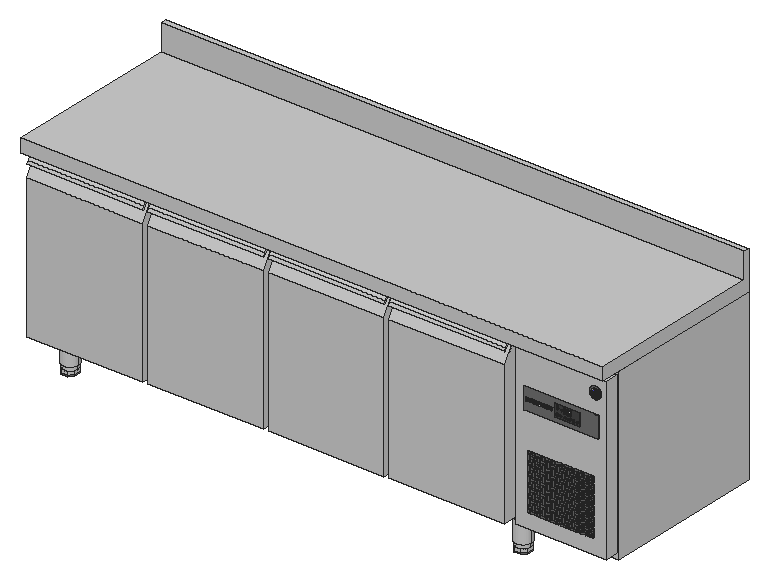
Revit family "QF_HOSHIZAKI_889040826", category Specialty Equipment, Revit 2016
Family settings
  Part Type = Normal
  Round Connector Dimension = Use Diameter
  OmniClass Number = 23.40.40.14
  OmniClass Title = Food Service Equipment
  Work Plane-Based = No
  Always vertical = Yes
  Cut with Voids When Loaded = No
  Shared = No
  Room Calculation Point = No
Parameters (values of type "889040826_230V/1Ph/50Hz")
  Weight = 159.00 kg
  Volts = 230 V
  URL Cutsheet = ""
  URL = "www.hoshizaki-europe.com"
  Status [instance] = ""
  Specification by User [instance] = ""
  Specification by Manufacturer [instance] = ""
  Serial Number = ""
  Seismic Rating = ""
  SMACNA No = ""
  Revision Code [instance] = ""
  Phase = 1
  Number of Poles = 2
  NAFEM Spec ID Number = ""
  Model = "ACR-225DG-LLRR-CRS-L2"
  Min Ckt Ampacity = 0 A
  Max Overcurrent Protection = 0 A
  Masterspec = ""
  Manufacturer = "HOSHIZAKI"
  Length Actual = 2246 mm
  Item Number [instance] = ""
  Installed By [instance] = ""
  Identify Quantity as Lot [instance] = no
  Height Actual = 900 mm
  HP power = ""
  Furnished By [instance] = ""
  Foodservice Equipment Identifier [instance] = yes
  FL Amps = 1.7 A
  Electric power = 240 W
  Electric Connection Type [instance] = ""
  Elec Conn RI Height [instance] = 0 mm
  Elec Conn Connection Height [instance] = 200 mm
  Description = "ADVANCE 4-SECTION 1/1 GN REFRIGERATED COUNTER WITH 4 DOORS AND A WORKTOP WITH 100 MM SPLASHBACK"
  Depth Actual = 700 mm
  Cycle = 50 Hz
  Cost = 0
  Conn Plug = ""
  Conn Conduit = no
  CSI MasterFormat = ""
  Assembly Code = "E1090320"
  Apparent Power = 240 VA
  Accessory = no
Reference planes
  plane 1 "Center (Front/Back)": y = 0
  plane 2: z = 0
  plane 3 "Center (Left/Right)": x = 0
Forms (mm)
  Extrusion 1, solid, not visible
    sketch origin (1999, -17, 349) x (1, 0, 0) y (0, 1, 0)
      loop
        line (0, 0) -> (2, 0) -> (2, 2) -> (0, 2) -> (0, 0)
    from 0 to 2
Dimensions and locks
  aligned and locked: level to plane 2
Nested families
  nested 1: "QF_HOSHIZAKI_889040826_230V_1Ph_50Hz" at (0, 0, 150), type "889040826_230V/1Ph/50Hz"
    with Show Logo yes, Length Actual 2246 mm, Height Actual 650 mm, Depth Actual 700 mm, Compressor offset 1890 mm, Compressor location 1
  nested 2: "QF_HOSHIZAKI_ADVANCE_REF-COUNTER-WORKTOPS" at (0, 0, 800), type "760660003-1"
    with Worktop thickness 50 mm, Length Actual 2246 mm, Depth Actual 700 mm, Backsplash thickness 20 mm, Backsplash height 100 mm, Worktop without backsplash no, Worktop with backsplash yes
  nested 3: "QF_HOSHIZAKI_ADVANCE_REF-COUNTER-DOORS-DRAWERS" at (22, -700, 150), type "760660485-R"
    with Weight 0.00 kg, URL Cutsheet "", Status "", Specification by User "", Specification by Manufacturer "", Serial Number "", Seismic Rating "", Section size 446 mm, Section 2, SMACNA No "", Right hand hinged glass door no, Right hand hinged door yes, Revision Code "", NAFEM Spec ID Number "", Masterspec "", Length Actual 0 mm, Left hand hinged glass door no, Left hand hinged door no, Item Number "", Installed By "", Identify Quantity as Lot no, Height Actual 0 mm, Furnished By "", Foodservice Equipment Identifier no, Depth Actual 0 mm, CSI MasterFormat "", Accessory yes, 3 Drawers no, 2 Drawers 1-3 and 2-3 no, 2 Drawers no
  nested 4: "QF_HOSHIZAKI_ADVANCE_REF-COUNTER-DOORS-DRAWERS" at (488, -700, 150), type "760660485-R"
    with Weight 0.00 kg, URL Cutsheet "", Status "", Specification by User "", Specification by Manufacturer "", Serial Number "", Seismic Rating "", Section size 446 mm, Section 2, SMACNA No "", Right hand hinged glass door no, Right hand hinged door yes, Revision Code "", NAFEM Spec ID Number "", Masterspec "", Length Actual 0 mm, Left hand hinged glass door no, Left hand hinged door no, Item Number "", Installed By "", Identify Quantity as Lot no, Height Actual 0 mm, Furnished By "", Foodservice Equipment Identifier no, Depth Actual 0 mm, CSI MasterFormat "", Accessory yes, 3 Drawers no, 2 Drawers 1-3 and 2-3 no, 2 Drawers no
  nested 5: "QF_HOSHIZAKI_ADVANCE_REF-COUNTER-DOORS-DRAWERS" at (952, -700, 150), type "760660485-R"
    with Weight 0.00 kg, URL Cutsheet "", Status "", Specification by User "", Specification by Manufacturer "", Serial Number "", Seismic Rating "", Section size 446 mm, Section 2, SMACNA No "", Right hand hinged glass door no, Right hand hinged door yes, Revision Code "", NAFEM Spec ID Number "", Masterspec "", Length Actual 0 mm, Left hand hinged glass door no, Left hand hinged door no, Item Number "", Installed By "", Identify Quantity as Lot no, Height Actual 0 mm, Furnished By "", Foodservice Equipment Identifier no, Depth Actual 0 mm, CSI MasterFormat "", Accessory yes, 3 Drawers no, 2 Drawers 1-3 and 2-3 no, 2 Drawers no
  nested 6: "QF_HOSHIZAKI_ADVANCE_REF-COUNTER-DOORS-DRAWERS" at (1416, -700, 150), type "760660485-R"
    with Weight 0.00 kg, URL Cutsheet "", Status "", Specification by User "", Specification by Manufacturer "", Serial Number "", Seismic Rating "", Section size 446 mm, Section 2, SMACNA No "", Right hand hinged glass door no, Right hand hinged door yes, Revision Code "", NAFEM Spec ID Number "", Masterspec "", Length Actual 0 mm, Left hand hinged glass door no, Left hand hinged door no, Item Number "", Installed By "", Identify Quantity as Lot no, Height Actual 0 mm, Furnished By "", Foodservice Equipment Identifier no, Depth Actual 0 mm, CSI MasterFormat "", Accessory yes, 3 Drawers no, 2 Drawers 1-3 and 2-3 no, 2 Drawers no
  nested 7: "QF_HOSHIZAKI_ADVANCE_REF-COUNTER-LEGS" at (0, 0, 0), type "760660118-7"
    with Weight 0.00 kg, URL Cutsheet "", Status "", Specification by User "", Specification by Manufacturer "", Serial Number "", Seismic Rating "", SMACNA No "", Revision Code "", NAFEM Spec ID Number "", Masterspec "", Length Actual 2246 mm, Legs inset right 430 mm, Legs inset rear 70 mm, Legs inset left 70 mm, Legs inset front 153 mm, Item Number "", Installed By "", Identify Quantity as Lot no, Height Actual 150 mm, Furnished By "", Foodservice Equipment Identifier no, Depth Actual 700 mm, Central Legs no, CSI MasterFormat "", Accessory yes
Connectors
  electrical at (2000, -15, 350), driven by "Apparent Power", driven by "Number of Poles", driven by "Volts"
    settings: on Extrusion 1, index 1, voltage 230 V, apparent load 0 VA, apparent load phase1 240 VA, apparent load phase2 0 VA, apparent load phase3 0 VA, power factor 1, load classification "Other", number of poles 2, system type 31, power factor state 1, is connector primary yes, connector utility no, sub classification motor no, connector description "Electric connection for '889040826'"
Definition of nested family "QF_HOSHIZAKI_889040826_230V_1Ph_50Hz"
  Parameters (values of type "889040826_230V/1Ph/50Hz")
    URL = "www.hoshizaki-europe.com"
    Show Logo [instance] = yes
    Model = "ACR-225DG-LLRR-CRS-L2"
    Manufacturer = "HOSHIZAKI"
    Length Actual [instance] = 2246 mm
    Height Actual [instance] = 650 mm
    Description = "ADVANCE 4-SECTION 1/1 GN REFRIGERATED COUNTER WITH 4 DOORS AND A WORKTOP WITH 100 MM SPLASHBACK"
    Depth Actual [instance] = 700 mm
    Compressor offset [instance] = if(Compressor location = 1, Length Actual - 356 mm, if(Compressor location = 2, 7 mm, Length Actual - 356 mm))  # 1890 mm
    Compressor location [instance] = 1
    Author = "SPECIFI"
    Assembly Code = "E1090320"
  Types (60, lengths in mm): name | Model | Length Actual | Description | Compressor offset
    889000840 | "ACR-130DG-LR-RRC-L1" | 1314 | "ADVANCE 2-SECTION 1/1 GN REFRIGERATED COUNTER WITH 2 DOORS AND A FLAT WORKTOP" | 958
    889000848 | "ACR-130DG-22-RRC-L1" | 1314 | "ADVANCE 2-SECTION 1/1 GN REFRIGERATED COUNTER WITH 2 DRAWER SECTIONS EACH WITH 2 X 1/2 DRAWERS AND A FLAT WORKTOP" | 958
    889000856 | "ACR-130DG-32-RRC-L1" | 1314 | "ADVANCE 2-SECTION 1/1 GN REFRIGERATED COUNTER WITH 1 DRAWER SECTION WITH 3 X 1/3 DRAWERS, 1 DRAWER SECTION WITH 2 X 1/2 DRAWERS AND A FLAT WORKTOP" | 958
    889000844 | "ACR-130DG-LR-RRS-L1" | 1314 | "ADVANCE 2-SECTION 1/1 GN REFRIGERATED COUNTER WITH 2 DOORS AND A WORKTOP WITH 100 MM SPLASHBACK" | 958
    889000852 | "ACR-130DG-22-RRS-L1" | 1314 | "ADVANCE 2-SECTION 1/1 GN REFRIGERATED COUNTER WITH 2 DRAWER SECTIONS EACH WITH 2 X 1/2 DRAWERS AND A WORKTOP WITH 100 MM SPLASHBACK" | 958
    889000861 | "ACR-130DG-LR-RRC-C1-U" | 1314 | "ADVANCE 2-SECTION 1/1 GN REFRIGERATED COUNTER WITH 2 DOORS AND A FLAT WORKTOP" | 958
    889000869 | "ACR-130DG-22-RRC-C1-U" | 1314 | "ADVANCE 2-SECTION 1/1 GN REFRIGERATED COUNTER WITH 2 DRAWER SECTIONS EACH WITH 2 X 1/2 DRAWERS AND A FLAT WORKTOP" | 958
    889000877 | "ACR-130DG-32-RRC-C1-U" | 1314 | "ADVANCE 2-SECTION 1/1 GN REFRIGERATED COUNTER WITH 1 DRAWER SECTION WITH 3 X 1/3 DRAWERS, 1 DRAWER SECTION WITH 2 X 1/2 DRAWERS AND A FLAT WORKTOP" | 958
    889000865 | "ACR-130DG-LR-RRS-C1-U" | 1314 | "ADVANCE 2-SECTION 1/1 GN REFRIGERATED COUNTER WITH 2 DOORS AND A WORKTOP WITH 100 MM SPLASHBACK" | 958
    889000873 | "ACR-130DG-22-RRS-C1-U" | 1314 | "ADVANCE 2-SECTION 1/1 GN REFRIGERATED COUNTER WITH 2 DRAWER SECTIONS EACH WITH 2 X 1/2 DRAWERS AND A WORKTOP WITH 100 MM SPLASHBACK" | 958
    889000842 | "ACR-130DG-LR-RRC-L2" | 1314 | "ADVANCE 2-SECTION 1/1 GN REFRIGERATED COUNTER WITH 2 DOORS AND A FLAT WORKTOP" | 958
    889000850 | "ACR-130DG-22-RRC-L2" | 1314 | "ADVANCE 2-SECTION 1/1 GN REFRIGERATED COUNTER WITH 2 DRAWER SECTIONS EACH WITH 2 X 1/2 DRAWERS AND A FLAT WORKTOP" | 958
    889000858 | "ACR-130DG-32-RRC-L2" | 1314 | "ADVANCE 2-SECTION 1/1 GN REFRIGERATED COUNTER WITH 1 DRAWER SECTION WITH 3 X 1/3 DRAWERS, 1 DRAWER SECTION WITH 2 X 1/2 DRAWERS AND A FLAT WORKTOP" | 958
    889000846 | "ACR-130DG-LR-RRS-L2" | 1314 | "ADVANCE 2-SECTION 1/1 GN REFRIGERATED COUNTER WITH 2 DOORS AND A WORKTOP WITH 100 MM SPLASHBACK" | 958
    889000854 | "ACR-130DG-22-RRS-L2" | 1314 | "ADVANCE 2-SECTION 1/1 GN REFRIGERATED COUNTER WITH 2 DRAWER SECTIONS EACH WITH 2 X 1/2 DRAWERS AND A WORKTOP WITH 100 MM SPLASHBACK" | 958
    889000822 | "ACR-130DG-LR-CRC-L2" | 1314 | "ADVANCE 2-SECTION 1/1 GN REFRIGERATED COUNTER WITH 2 DOORS AND A FLAT WORKTOP" | 958
    889000830 | "ACR-130DG-22-CRC-L2" | 1314 | "ADVANCE 2-SECTION 1/1 GN REFRIGERATED COUNTER WITH 2 DRAWER SECTIONS EACH WITH 2 X 1/2 DRAWERS AND A FLAT WORKTOP" | 958
    889000838 | "ACR-130DG-32-CRC-L2" | 1314 | "ADVANCE 2-SECTION 1/1 GN REFRIGERATED COUNTER WITH 1 DRAWER SECTION WITH 3 X 1/3 DRAWERS, 1 DRAWER SECTION WITH 2 X 1/2 DRAWERS AND A FLAT WORKTOP" | 958
    889000826 | "ACR-130DG-LR-CRS-L2" | 1314 | "ADVANCE 2-SECTION 1/1 GN REFRIGERATED COUNTER WITH 2 DOORS AND A WORKTOP WITH 100 MM SPLASHBACK" | 958
    889000834 | "ACR-130DG-22-CRS-L2" | 1314 | "ADVANCE 2-SECTION 1/1 GN REFRIGERATED COUNTER WITH 2 DRAWER SECTIONS EACH WITH 2 X 1/2 DRAWERS AND A WORKTOP WITH 100 MM SPLASHBACK" | 958
    889020840 | "ACR-180DG-LRR-RRC-L1" | 1780 | "ADVANCE 3-SECTION 1/1 GN REFRIGERATED COUNTER WITH 3 DOORS AND A FLAT WORKTOP" | 1424
    889020848 | "ACR-180DG-222-RRC-L1" | 1780 | "ADVANCE 3-SECTION 1/1 GN REFRIGERATED COUNTER WITH 3 DRAWER SECTIONS EACH WITH 2 X 1/2 DRAWERS AND A FLAT WORKTOP" | 1424
    889020856 | "ACR-180DG-332-RRC-L1" | 1780 | "ADVANCE 3-SECTION 1/1 GN REFRIGERATED COUNTER WITH 2 DRAWER SECTIONS EACH WITH 3 X 1/3 DRAWERS, 1 DRAWER SECTION WITH 2 X 1/2 DRAWERS AND A FLAT WORKTOP" | 1424
    889020844 | "ACR-180DG-LRR-RRS-L1" | 1780 | "ADVANCE 3-SECTION 1/1 GN REFRIGERATED COUNTER WITH 3 DOORS AND A WORKTOP WITH 100 MM SPLASHBACK" | 1424
    889020852 | "ACR-180DG-222-RRS-L1" | 1780 | "ADVANCE 3-SECTION 1/1 GN REFRIGERATED COUNTER WITH 3 DRAWER SECTIONS EACH WITH 2 X 1/2 DRAWERS AND A WORKTOP WITH 100 MM SPLASHBACK" | 1424
    889020861 | "ACR-180DG-LRR-RRC-C1-U" | 1780 | "ADVANCE 3-SECTION 1/1 GN REFRIGERATED COUNTER WITH 3 DOORS AND A FLAT WORKTOP" | 1424
    889020869 | "ACR-180DG-222-RRC-C1-U" | 1780 | "ADVANCE 3-SECTION 1/1 GN REFRIGERATED COUNTER WITH 3 DRAWER SECTIONS EACH WITH 2 X 1/2 DRAWERS AND A FLAT WORKTOP" | 1424
    889020877 | "ACR-180DG-332-RRC-C1-U" | 1780 | "ADVANCE 3-SECTION 1/1 GN REFRIGERATED COUNTER WITH 2 DRAWER SECTIONS EACH WITH 3 X 1/3 DRAWERS, 1 DRAWER SECTION WITH 2 X 1/2 DRAWERS AND A FLAT WORKTOP" | 1424
    889020865 | "ACR-180DG-LRR-RRS-C1-U" | 1780 | "ADVANCE 3-SECTION 1/1 GN REFRIGERATED COUNTER WITH 3 DOORS AND A WORKTOP WITH 100 MM SPLASHBACK" | 1424
    889020873 | "ACR-180DG-222-RRS-C1-U" | 1780 | "ADVANCE 3-SECTION 1/1 GN REFRIGERATED COUNTER WITH 3 DRAWER SECTIONS EACH WITH 2 X 1/2 DRAWERS AND A WORKTOP WITH 100 MM SPLASHBACK" | 1424
    889020842 | "ACR-180DG-LRR-RRC-L2" | 1780 | "ADVANCE 3-SECTION 1/1 GN REFRIGERATED COUNTER WITH 3 DOORS AND A FLAT WORKTOP" | 1424
    889020850 | "ACR-180DG-222-RRC-L2" | 1780 | "ADVANCE 3-SECTION 1/1 GN REFRIGERATED COUNTER WITH 3 DRAWER SECTIONS EACH WITH 2 X 1/2 DRAWERS AND A FLAT WORKTOP" | 1424
    889020858 | "ACR-180DG-332-RRC-L2" | 1780 | "ADVANCE 3-SECTION 1/1 GN REFRIGERATED COUNTER WITH 2 DRAWER SECTIONS EACH WITH 3 X 1/3 DRAWERS, 1 DRAWER SECTION WITH 2 X 1/2 DRAWERS AND A FLAT WORKTOP" | 1424
    889020846 | "ACR-180DG-LRR-RRS-L2" | 1780 | "ADVANCE 3-SECTION 1/1 GN REFRIGERATED COUNTER WITH 3 DOORS AND A WORKTOP WITH 100 MM SPLASHBACK" | 1424
    889020854 | "ACR-180DG-222-RRS-L2" | 1780 | "ADVANCE 3-SECTION 1/1 GN REFRIGERATED COUNTER WITH 3 DRAWER SECTIONS EACH WITH 2 X 1/2 DRAWERS AND A WORKTOP WITH 100 MM SPLASHBACK" | 1424
    889020823 | "ACR-180DG-LRR-CRC-L2" | 1780 | "ADVANCE 3-SECTION 1/1 GN REFRIGERATED COUNTER WITH 3 DOORS AND A FLAT WORKTOP" | 1424
    889020830 | "ACR-180DG-222-CRC-L2" | 1780 | "ADVANCE 3-SECTION 1/1 GN REFRIGERATED COUNTER WITH 3 DRAWER SECTIONS EACH WITH 2 X 1/2 DRAWERS AND A FLAT WORKTOP" | 1424
    889020838 | "ACR-180DG-332-CRC-L2" | 1780 | "ADVANCE 3-SECTION 1/1 GN REFRIGERATED COUNTER WITH 2 DRAWER SECTIONS EACH WITH 3 X 1/3 DRAWERS, 1 DRAWER SECTION WITH 2 X 1/2 DRAWERS AND A FLAT WORKTOP" | 1424
    889020827 | "ACR-180DG-LRR-CRS-L2" | 1780 | "ADVANCE 3-SECTION 1/1 GN REFRIGERATED COUNTER WITH 3 DOORS AND A WORKTOP WITH 100 MM SPLASHBACK" | 1424
    889020834 | "ACR-180DG-222-CRS-L2" | 1780 | "ADVANCE 3-SECTION 1/1 GN REFRIGERATED COUNTER WITH 3 DRAWER SECTIONS EACH WITH 2 X 1/2 DRAWERS AND A WORKTOP WITH 100 MM SPLASHBACK" | 1424
    889040840 | "ACR-225DG-LLRR-RRC-L1" | 2246 | "ADVANCE 4-SECTION 1/1 GN REFRIGERATED COUNTER WITH 4 DOORS AND A FLAT WORKTOP" | 1890
    889040848 | "ACR-225DG-2222-RRC-L1" | 2246 | "ADVANCE 4-SECTION 1/1 GN REFRIGERATED COUNTER WITH 4 DRAWER SECTIONS EACH WITH 2 X 1/2 DRAWERS AND A FLAT WORKTOP" | 1890
    889040856 | "ACR-225DG-3332-RRC-L1" | 2246 | "ADVANCE 4-SECTION 1/1 GN REFRIGERATED COUNTER WITH 3 DRAWER SECTIONS EACH WITH 3 X 1/3 DRAWERS, 1 DRAWER SECTION WITH 2 X 1/2 DRAWERS AND A FLAT WORKTOP" | 1890
    889040844 | "ACR-225DG-LLRR-RRS-L1" | 2246 | "ADVANCE 4-SECTION 1/1 GN REFRIGERATED COUNTER WITH 4 DOORS AND A WORKTOP WITH 100 MM SPLASHBACK" | 1890
    889040852 | "ACR-225DG-2222-RRS-L1" | 2246 | "ADVANCE 4-SECTION 1/1 GN REFRIGERATED COUNTER WITH 4 DRAWER SECTIONS EACH WITH 2 X 1/2 DRAWERS AND A WORKTOP WITH 100 MM SPLASHBACK" | 1890
    889040861 | "ACR-225DG-LLRR-RRC-C1-U" | 2246 | "ADVANCE 4-SECTION 1/1 GN REFRIGERATED COUNTER WITH 4 DOORS AND A FLAT WORKTOP" | 1890
    889040869 | "ACR-225DG-2222-RRC-C1-U" | 2246 | "ADVANCE 4-SECTION 1/1 GN REFRIGERATED COUNTER WITH 4 DRAWER SECTIONS EACH WITH 2 X 1/2 DRAWERS AND A FLAT WORKTOP" | 1890
    889040877 | "ACR-225DG-3332-RRC-C1-U" | 2246 | "ADVANCE 4-SECTION 1/1 GN REFRIGERATED COUNTER WITH 3 DRAWER SECTIONS EACH WITH 3 X 1/3 DRAWERS, 1 DRAWER SECTION WITH 2 X 1/2 DRAWERS AND A FLAT WORKTOP" | 1890
    889040865 | "ACR-225DG-LLRR-RRS-C1-U" | 2246 | "ADVANCE 4-SECTION 1/1 GN REFRIGERATED COUNTER WITH 4 DOORS AND A WORKTOP WITH 100 MM SPLASHBACK" | 1890
    889040873 | "ACR-225DG-2222-RRS-C1-U" | 2246 | "ADVANCE 4-SECTION 1/1 GN REFRIGERATED COUNTER WITH 4 DRAWER SECTIONS EACH WITH 2 X 1/2 DRAWERS AND A WORKTOP WITH 100 MM SPLASHBACK" | 1890
    889040842 | "ACR-225DG-LLRR-RRC-L2" | 2246 | "ADVANCE 4-SECTION 1/1 GN REFRIGERATED COUNTER WITH 4 DOORS AND A FLAT WORKTOP" | 1890
    889040850 | "ACR-225DG-2222-RRC-L2" | 2246 | "ADVANCE 4-SECTION 1/1 GN REFRIGERATED COUNTER WITH 4 DRAWER SECTIONS EACH WITH 2 X 1/2 DRAWERS AND A FLAT WORKTOP" | 1890
    889040858 | "ACR-225DG-3332-RRC-L2" | 2246 | "ADVANCE 4-SECTION 1/1 GN REFRIGERATED COUNTER WITH 3 DRAWER SECTIONS EACH WITH 3 X 1/3 DRAWERS, 1 DRAWER SECTION WITH 2 X 1/2 DRAWERS AND A FLAT WORKTOP" | 1890
    889040846 | "ACR-225DG-LLRR-RRS-L2" | 2246 | "ADVANCE 4-SECTION 1/1 GN REFRIGERATED COUNTER WITH 4 DOORS AND A WORKTOP WITH 100 MM SPLASHBACK" | 1890
    889040854 | "ACR-225DG-2222-RRS-L2" | 2246 | "ADVANCE 4-SECTION 1/1 GN REFRIGERATED COUNTER WITH 4 DRAWER SECTIONS EACH WITH 2 X 1/2 DRAWERS AND A WORKTOP WITH 100 MM SPLASHBACK" | 1890
    889040822 | "ACR-225DG-LLRR-CRC-L2" | 2246 | "ADVANCE 4-SECTION 1/1 GN REFRIGERATED COUNTER WITH 4 DOORS AND A FLAT WORKTOP" | 1890
    889040830 | "ACR-225DG-2222-CRC-L2" | 2246 | "ADVANCE 4-SECTION 1/1 GN REFRIGERATED COUNTER WITH 4 DRAWER SECTIONS EACH WITH 2 X 1/2 DRAWERS AND A FLAT WORKTOP" | 1890
    889040838 | "ACR-225DG-3332-CRC-L2" | 2246 | "ADVANCE 4-SECTION 1/1 GN REFRIGERATED COUNTER WITH 3 DRAWER SECTIONS EACH WITH 3 X 1/3 DRAWERS, 1 DRAWER SECTION WITH 2 X 1/2 DRAWERS AND A FLAT WORKTOP" | 1890
    889040826_230V/1Ph/50Hz | "ACR-225DG-LLRR-CRS-L2" | 2246 | "ADVANCE 4-SECTION 1/1 GN REFRIGERATED COUNTER WITH 4 DOORS AND A WORKTOP WITH 100 MM SPLASHBACK" | 1890
    889040834 | "ACR-225DG-2222-CRS-L2" | 2246 | "ADVANCE 4-SECTION 1/1 GN REFRIGERATED COUNTER WITH 4 DRAWER SECTIONS EACH WITH 2 X 1/2 DRAWERS AND A WORKTOP WITH 100 MM SPLASHBACK" | 1890
  Reference planes
    plane 1 "Back": y = 0
    plane 2: z = 0
    plane 3 "Left": x = 0
    plane 4 "Right": x = 2246
    plane 5 "Front": y = -700
    plane 6 "Top": z = 650
    plane 7 "Front legs": y = -624.512
    plane 8 "Compressor dimension": x = 2246
    plane 9 "Compressor offset": x = 1890
  Forms (mm)
    Extrusion 1, solid
      sketch origin (0, 0, 0) x (0, 1, 0) y (0, 0, 1)
        loop
          line (0, 650) -> (-624.512, 650) -> (-624.512, 0) -> (0, 0) -> (0, 650)
      from 0 to 2246
    Extrusion 2, solid
      sketch origin (1890, 0, 0) x (0, -1, 0) y (0, 0, 1)
        loop
          line (624.512, 634) -> (624.512, 20) -> (674.54, 20) -> (674.54, 634) -> (624.512, 634)
      from 0 to -349
  Lines and regions (mm)
    symbolic lines
      curve 1: line (0, 0, 650) -> (2246, 0, 650)
      curve 2: line (0, -700, 650) -> (0, 0, 650)
      curve 3: line (2246, -700, 650) -> (0, -700, 650)
      curve 4: line (2246, 0, 650) -> (2246, -700, 650)
  Dimensions and locks
    "Length Actual": plane 3 "Left" to plane 4 "Right"
    "Depth Actual": plane 5 "Front" to plane 1 "Back"
    plane 7 "Front legs" to plane 5 "Front" = 75.488 mm
    "Compressor offset": plane 3 "Left" to plane 9 "Compressor offset"
    locked: plane 9 "Compressor offset" to plane 8 "Compressor dimension" at 356
    plane 6 "Top" to level = 650 mm
    aligned and locked: level to plane 2
    aligned and locked: plane 1 "Back" to Extrusion 1 sketch curve
    aligned and locked: plane 7 "Front legs" to Extrusion 1 sketch curve
    aligned and locked: Extrusion 1 to plane 4 "Right"
    aligned and locked: plane 7 "Front legs" to Extrusion 2 sketch curve
    aligned and locked: nested 1 to plane 5 "Front"
    aligned and locked: nested 1 to plane 9 "Compressor offset"
    aligned and locked: Extrusion 1 sketch curve to plane 6 "Top"
    aligned and locked: plane 2 to Extrusion 1 sketch curve
    aligned and locked: plane 1 "Back" to curve 1
    aligned and locked: plane 5 "Front" to curve 3
    aligned and locked: plane 4 "Right" to curve 4
    aligned and locked: plane 3 "Left" to curve 2
  Automatic sketch dimensions
    plane 5 "Front" to Extrusion 2 sketch curve = 25.46 mm
    level to Extrusion 2 sketch curve = 20 mm
    Extrusion 2 sketch curve to plane 6 "Top" = 16 mm
  Nested families
    nested 1: "Control-panel" at (1890, -700, 0), Show Logo <- "Show Logo", type "Control-panel"
      with Show Logo yes
  Definition of nested family "Control-panel"
    Parameters (values of type "Control-panel")
      Show Logo [instance] = yes
    Reference planes
      plane 1 "Center (Front/Back)": y = 0
      plane 2: z = 0
      plane 3 "Center (Left/Right)": x = 0
      plane 4: z = 650
    Forms (mm)
      Extrusion 1, solid
        sketch origin (-3653, 19.5, -135) x (-1, 0, 0) y (0, 0, 1)
          loop
            arc (-3941, 426) -> (-3944.5, 422.5) -> (-3941, 419) r 3.5
            line (-3941, 419) -> (-3923, 419)
            arc (-3923, 419) -> (-3919.5, 422.5) -> (-3923, 426) r 3.5
            line (-3923, 426) -> (-3941, 426)
          loop
            arc (-3903, 426) -> (-3906.5, 422.5) -> (-3903, 419) r 3.5
            line (-3903, 419) -> (-3885, 419)
            arc (-3885, 419) -> (-3881.5, 422.5) -> (-3885, 426) r 3.5
            line (-3885, 426) -> (-3903, 426)
          loop
            arc (-3865, 426) -> (-3868.5, 422.5) -> (-3865, 419) r 3.5
            line (-3865, 419) -> (-3847, 419)
            arc (-3847, 419) -> (-3843.5, 422.5) -> (-3847, 426) r 3.5
            line (-3847, 426) -> (-3865, 426)
          loop
            arc (-3827, 426) -> (-3830.5, 422.5) -> (-3827, 419) r 3.5
            line (-3827, 419) -> (-3809, 419)
            arc (-3809, 419) -> (-3805.5, 422.5) -> (-3809, 426) r 3.5
            line (-3809, 426) -> (-3827, 426)
          loop
            arc (-3789, 426) -> (-3792.5, 422.5) -> (-3789, 419) r 3.5
            line (-3789, 419) -> (-3771, 419)
            arc (-3771, 419) -> (-3767.5, 422.5) -> (-3771, 426) r 3.5
            line (-3771, 426) -> (-3789, 426)
          loop
            arc (-3751, 426) -> (-3754.5, 422.5) -> (-3751, 419) r 3.5
            line (-3751, 419) -> (-3733, 419)
            arc (-3733, 419) -> (-3729.5, 422.5) -> (-3733, 426) r 3.5
            line (-3733, 426) -> (-3751, 426)
          loop
            arc (-3713, 426) -> (-3716.5, 422.5) -> (-3713, 419) r 3.5
            line (-3713, 419) -> (-3704, 419)
            arc (-3704, 419) -> (-3700.5, 422.5) -> (-3704, 426) r 3.5
            line (-3704, 426) -> (-3713, 426)
          loop
            arc (-3948, 422) -> (-3951, 425) -> (-3954, 422) r 3
            line (-3954, 422) -> (-3954, 413)
            arc (-3954, 413) -> (-3951, 410) -> (-3948, 413) r 3
            line (-3948, 413) -> (-3948, 422)
          loop
            line (-3938.025, 416.51) -> (-3945.025, 416.51) -> (-3945.025, 409.51) -> (-3938.025, 409.51) -> (-3938.025, 416.51)
          loop
            line (-3919.025, 416.51) -> (-3926.025, 416.51) -> (-3926.025, 409.51) -> (-3919.025, 409.51) -> (-3919.025, 416.51)
          loop
            arc (-3910, 422) -> (-3913, 425) -> (-3916, 422) r 3
            line (-3916, 422) -> (-3916, 413)
            arc (-3916, 413) -> (-3913, 410) -> (-3910, 413) r 3
            line (-3910, 413) -> (-3910, 422)
          loop
            line (-3900.025, 416.51) -> (-3907.025, 416.51) -> (-3907.025, 409.51) -> (-3900.025, 409.51) -> (-3900.025, 416.51)
          loop
            line (-3881.025, 416.51) -> (-3888.025, 416.51) -> (-3888.025, 409.51) -> (-3881.025, 409.51) -> (-3881.025, 416.51)
          loop
            arc (-3872, 422) -> (-3875, 425) -> (-3878, 422) r 3
            line (-3878, 422) -> (-3878, 413)
            arc (-3878, 413) -> (-3875, 410) -> (-3872, 413) r 3
            line (-3872, 413) -> (-3872, 422)
          loop
            line (-3862.025, 416.51) -> (-3869.025, 416.51) -> (-3869.025, 409.51) -> (-3862.025, 409.51) -> (-3862.025, 416.51)
          loop
            line (-3843.025, 416.51) -> (-3850.025, 416.51) -> (-3850.025, 409.51) -> (-3843.025, 409.51) -> (-3843.025, 416.51)
          loop
            arc (-3834, 422) -> (-3837, 425) -> (-3840, 422) r 3
            line (-3840, 422) -> (-3840, 413)
            arc (-3840, 413) -> (-3837, 410) -> (-3834, 413) r 3
            line (-3834, 413) -> (-3834, 422)
          loop
            line (-3824.025, 416.51) -> (-3831.025, 416.51) -> (-3831.025, 409.51) -> (-3824.025, 409.51) -> (-3824.025, 416.51)
          loop
            line (-3805.025, 416.51) -> (-3812.025, 416.51) -> (-3812.025, 409.51) -> (-3805.025, 409.51) -> (-3805.025, 416.51)
          loop
            arc (-3796, 422) -> (-3799, 425) -> (-3802, 422) r 3
            line (-3802, 422) -> (-3802, 413)
            arc (-3802, 413) -> (-3799, 410) -> (-3796, 413) r 3
            line (-3796, 413) -> (-3796, 422)
          loop
            line (-3786.025, 416.51) -> (-3793.025, 416.51) -> (-3793.025, 409.51) -> (-3786.025, 409.51) -> (-3786.025, 416.51)
          loop
            line (-3767.025, 416.51) -> (-3774.025, 416.51) -> (-3774.025, 409.51) -> (-3767.025, 409.51) -> (-3767.025, 416.51)
          loop
            arc (-3758, 422) -> (-3761, 425) -> (-3764, 422) r 3
            line (-3764, 422) -> (-3764, 413)
            arc (-3764, 413) -> (-3761, 410) -> (-3758, 413) r 3
            line (-3758, 413) -> (-3758, 422)
          loop
            line (-3748.025, 416.51) -> (-3755.025, 416.51) -> (-3755.025, 409.51) -> (-3748.025, 409.51) -> (-3748.025, 416.51)
          loop
            line (-3729.025, 416.51) -> (-3736.025, 416.51) -> (-3736.025, 409.51) -> (-3729.025, 409.51) -> (-3729.025, 416.51)
          loop
            arc (-3720, 422) -> (-3723, 425) -> (-3726, 422) r 3
            line (-3726, 422) -> (-3726, 413)
            arc (-3726, 413) -> (-3723, 410) -> (-3720, 413) r 3
            line (-3720, 413) -> (-3720, 422)
          loop
            line (-3710.025, 416.51) -> (-3717.025, 416.51) -> (-3717.025, 409.51) -> (-3710.025, 409.51) -> (-3710.025, 416.51)
          loop
            line (-3935.5, 412.5) -> (-3935.5, 394.5)
            arc (-3935.5, 394.5) -> (-3932, 391) -> (-3928.5, 394.5) r 3.5
            line (-3928.5, 394.5) -> (-3928.5, 412.5)
            arc (-3928.5, 412.5) -> (-3932, 416) -> (-3935.5, 412.5) r 3.5
          loop
            line (-3897.5, 412.5) -> (-3897.5, 394.5)
            arc (-3897.5, 394.5) -> (-3894, 391) -> (-3890.5, 394.5) r 3.5
            line (-3890.5, 394.5) -> (-3890.5, 412.5)
            arc (-3890.5, 412.5) -> (-3894, 416) -> (-3897.5, 412.5) r 3.5
          loop
            line (-3859.5, 412.5) -> (-3859.5, 394.5)
            arc (-3859.5, 394.5) -> (-3856, 391) -> (-3852.5, 394.5) r 3.5
            line (-3852.5, 394.5) -> (-3852.5, 412.5)
            arc (-3852.5, 412.5) -> (-3856, 416) -> (-3859.5, 412.5) r 3.5
          loop
            line (-3821.5, 412.5) -> (-3821.5, 394.5)
            arc (-3821.5, 394.5) -> (-3818, 391) -> (-3814.5, 394.5) r 3.5
            line (-3814.5, 394.5) -> (-3814.5, 412.5)
            arc (-3814.5, 412.5) -> (-3818, 416) -> (-3821.5, 412.5) r 3.5
          loop
            line (-3783.5, 412.5) -> (-3783.5, 394.5)
            arc (-3783.5, 394.5) -> (-3780, 391) -> (-3776.5, 394.5) r 3.5
            line (-3776.5, 394.5) -> (-3776.5, 412.5)
            arc (-3776.5, 412.5) -> (-3780, 416) -> (-3783.5, 412.5) r 3.5
          loop
            line (-3745.5, 412.5) -> (-3745.5, 394.5)
            arc (-3745.5, 394.5) -> (-3742, 391) -> (-3738.5, 394.5) r 3.5
            line (-3738.5, 394.5) -> (-3738.5, 412.5)
            arc (-3738.5, 412.5) -> (-3742, 416) -> (-3745.5, 412.5) r 3.5
          loop
            line (-3707.5, 412.5) -> (-3707.5, 394.5)
            arc (-3707.5, 394.5) -> (-3704, 391) -> (-3700.5, 394.5) r 3.5
            line (-3700.5, 394.5) -> (-3700.5, 412.5)
            arc (-3700.5, 412.5) -> (-3704, 416) -> (-3707.5, 412.5) r 3.5
          loop
            arc (-3922, 407) -> (-3925.5, 403.5) -> (-3922, 400) r 3.5
            line (-3922, 400) -> (-3904, 400)
            arc (-3904, 400) -> (-3900.5, 403.5) -> (-3904, 407) r 3.5
            line (-3904, 407) -> (-3922, 407)
          loop
            arc (-3884, 407) -> (-3887.5, 403.5) -> (-3884, 400) r 3.5
            line (-3884, 400) -> (-3866, 400)
            arc (-3866, 400) -> (-3862.5, 403.5) -> (-3866, 407) r 3.5
            line (-3866, 407) -> (-3884, 407)
          loop
            arc (-3846, 407) -> (-3849.5, 403.5) -> (-3846, 400) r 3.5
            line (-3846, 400) -> (-3828, 400)
            arc (-3828, 400) -> (-3824.5, 403.5) -> (-3828, 407) r 3.5
            line (-3828, 407) -> (-3846, 407)
          loop
            arc (-3808, 407) -> (-3811.5, 403.5) -> (-3808, 400) r 3.5
            line (-3808, 400) -> (-3790, 400)
            arc (-3790, 400) -> (-3786.5, 403.5) -> (-3790, 407) r 3.5
            line (-3790, 407) -> (-3808, 407)
          loop
            arc (-3770, 407) -> (-3773.5, 403.5) -> (-3770, 400) r 3.5
            line (-3770, 400) -> (-3752, 400)
            arc (-3752, 400) -> (-3748.5, 403.5) -> (-3752, 407) r 3.5
            line (-3752, 407) -> (-3770, 407)
          loop
            arc (-3732, 407) -> (-3735.5, 403.5) -> (-3732, 400) r 3.5
            line (-3732, 400) -> (-3714, 400)
            arc (-3714, 400) -> (-3710.5, 403.5) -> (-3714, 407) r 3.5
            line (-3714, 407) -> (-3732, 407)
          loop
            line (-3938.025, 390.49) -> (-3938.025, 397.49) -> (-3945.025, 397.49) -> (-3945.025, 390.49) -> (-3938.025, 390.49)
          loop
            line (-3919.025, 390.49) -> (-3919.025, 397.49) -> (-3926.025, 397.49) -> (-3926.025, 390.49) -> (-3919.025, 390.49)
          loop
            line (-3900.025, 390.49) -> (-3900.025, 397.49) -> (-3907.025, 397.49) -> (-3907.025, 390.49) -> (-3900.025, 390.49)
          loop
            line (-3881.025, 390.49) -> (-3881.025, 397.49) -> (-3888.025, 397.49) -> (-3888.025, 390.49) -> (-3881.025, 390.49)
          loop
            line (-3862.025, 390.49) -> (-3862.025, 397.49) -> (-3869.025, 397.49) -> (-3869.025, 390.49) -> (-3862.025, 390.49)
          loop
            line (-3843.025, 390.49) -> (-3843.025, 397.49) -> (-3850.025, 397.49) -> (-3850.025, 390.49) -> (-3843.025, 390.49)
          loop
            line (-3824.025, 390.49) -> (-3824.025, 397.49) -> (-3831.025, 397.49) -> (-3831.025, 390.49) -> (-3824.025, 390.49)
          loop
            line (-3805.025, 390.49) -> (-3805.025, 397.49) -> (-3812.025, 397.49) -> (-3812.025, 390.49) -> (-3805.025, 390.49)
          loop
            line (-3786.025, 390.49) -> (-3786.025, 397.49) -> (-3793.025, 397.49) -> (-3793.025, 390.49) -> (-3786.025, 390.49)
          loop
            line (-3767.025, 390.49) -> (-3767.025, 397.49) -> (-3774.025, 397.49) -> (-3774.025, 390.49) -> (-3767.025, 390.49)
          loop
            line (-3748.025, 390.49) -> (-3748.025, 397.49) -> (-3755.025, 397.49) -> (-3755.025, 390.49) -> (-3748.025, 390.49)
          loop
            line (-3729.025, 390.49) -> (-3729.025, 397.49) -> (-3736.025, 397.49) -> (-3736.025, 390.49) -> (-3729.025, 390.49)
          loop
            line (-3710.025, 390.49) -> (-3710.025, 397.49) -> (-3717.025, 397.49) -> (-3717.025, 390.49) -> (-3710.025, 390.49)
          loop
            arc (-3719.5, 393.5) -> (-3723, 397) -> (-3726.5, 393.5) r 3.5
            line (-3726.5, 393.5) -> (-3726.5, 375.5)
            arc (-3726.5, 375.5) -> (-3723, 372) -> (-3719.5, 375.5) r 3.5
            line (-3719.5, 375.5) -> (-3719.5, 393.5)
          loop
            arc (-3757.5, 393.5) -> (-3761, 397) -> (-3764.5, 393.5) r 3.5
            line (-3764.5, 393.5) -> (-3764.5, 375.5)
            arc (-3764.5, 375.5) -> (-3761, 372) -> (-3757.5, 375.5) r 3.5
            line (-3757.5, 375.5) -> (-3757.5, 393.5)
          loop
            arc (-3795.5, 393.5) -> (-3799, 397) -> (-3802.5, 393.5) r 3.5
            line (-3802.5, 393.5) -> (-3802.5, 375.5)
            arc (-3802.5, 375.5) -> (-3799, 372) -> (-3795.5, 375.5) r 3.5
            line (-3795.5, 375.5) -> (-3795.5, 393.5)
          loop
            arc (-3833.5, 393.5) -> (-3837, 397) -> (-3840.5, 393.5) r 3.5
            line (-3840.5, 393.5) -> (-3840.5, 375.5)
            arc (-3840.5, 375.5) -> (-3837, 372) -> (-3833.5, 375.5) r 3.5
            line (-3833.5, 375.5) -> (-3833.5, 393.5)
          loop
            arc (-3871.5, 393.5) -> (-3875, 397) -> (-3878.5, 393.5) r 3.5
            line (-3878.5, 393.5) -> (-3878.5, 375.5)
            arc (-3878.5, 375.5) -> (-3875, 372) -> (-3871.5, 375.5) r 3.5
            line (-3871.5, 375.5) -> (-3871.5, 393.5)
          loop
            arc (-3909.5, 393.5) -> (-3913, 397) -> (-3916.5, 393.5) r 3.5
            line (-3916.5, 393.5) -> (-3916.5, 375.5)
            arc (-3916.5, 375.5) -> (-3913, 372) -> (-3909.5, 375.5) r 3.5
            line (-3909.5, 375.5) -> (-3909.5, 393.5)
          loop
            arc (-3951, 406.5) -> (-3954, 403.5) -> (-3951, 400.5) r 3
            line (-3951, 400.5) -> (-3942, 400.5)
            arc (-3942, 400.5) -> (-3939, 403.5) -> (-3942, 406.5) r 3
            line (-3942, 406.5) -> (-3951, 406.5)
          loop
            arc (-3947.5, 393.5) -> (-3951, 397) -> (-3954.5, 393.5) r 3.5
            line (-3954.5, 393.5) -> (-3954.5, 375.5)
            arc (-3954.5, 375.5) -> (-3951, 372) -> (-3947.5, 375.5) r 3.5
            line (-3947.5, 375.5) -> (-3947.5, 393.5)
          loop
            arc (-3941, 388.51) -> (-3944.5, 385.01) -> (-3941, 381.51) r 3.5
            line (-3941, 381.51) -> (-3923, 381.51)
            arc (-3923, 381.51) -> (-3919.5, 385.01) -> (-3923, 388.51) r 3.5
            line (-3923, 388.51) -> (-3941, 388.51)
          loop
            arc (-3903, 388.51) -> (-3906.5, 385.01) -> (-3903, 381.51) r 3.5
            line (-3903, 381.51) -> (-3885, 381.51)
            arc (-3885, 381.51) -> (-3881.5, 385.01) -> (-3885, 388.51) r 3.5
            line (-3885, 388.51) -> (-3903, 388.51)
          loop
            arc (-3865, 388.51) -> (-3868.5, 385.01) -> (-3865, 381.51) r 3.5
            line (-3865, 381.51) -> (-3847, 381.51)
            arc (-3847, 381.51) -> (-3843.5, 385.01) -> (-3847, 388.51) r 3.5
            line (-3847, 388.51) -> (-3865, 388.51)
          loop
            arc (-3827, 388.51) -> (-3830.5, 385.01) -> (-3827, 381.51) r 3.5
            line (-3827, 381.51) -> (-3809, 381.51)
            arc (-3809, 381.51) -> (-3805.5, 385.01) -> (-3809, 388.51) r 3.5
            line (-3809, 388.51) -> (-3827, 388.51)
          loop
            arc (-3789, 388.51) -> (-3792.5, 385.01) -> (-3789, 381.51) r 3.5
            line (-3789, 381.51) -> (-3771, 381.51)
            arc (-3771, 381.51) -> (-3767.5, 385.01) -> (-3771, 388.51) r 3.5
            line (-3771, 388.51) -> (-3789, 388.51)
          loop
            arc (-3751, 388.51) -> (-3754.5, 385.01) -> (-3751, 381.51) r 3.5
            line (-3751, 381.51) -> (-3733, 381.51)
            arc (-3733, 381.51) -> (-3729.5, 385.01) -> (-3733, 388.51) r 3.5
            line (-3733, 388.51) -> (-3751, 388.51)
          loop
            arc (-3713, 388.51) -> (-3716.5, 385.01) -> (-3713, 381.51) r 3.5
            line (-3713, 381.51) -> (-3704, 381.51)
            arc (-3704, 381.51) -> (-3700.5, 385.01) -> (-3704, 388.51) r 3.5
            line (-3704, 388.51) -> (-3713, 388.51)
          loop
            line (-3938.025, 379.02) -> (-3945.025, 379.02) -> (-3945.025, 372.02) -> (-3938.025, 372.02) -> (-3938.025, 379.02)
          loop
            line (-3919.025, 379.02) -> (-3926.025, 379.02) -> (-3926.025, 372.02) -> (-3919.025, 372.02) -> (-3919.025, 379.02)
          loop
            line (-3900.025, 379.02) -> (-3907.025, 379.02) -> (-3907.025, 372.02) -> (-3900.025, 372.02) -> (-3900.025, 379.02)
          loop
            line (-3881.025, 379.02) -> (-3888.025, 379.02) -> (-3888.025, 372.02) -> (-3881.025, 372.02) -> (-3881.025, 379.02)
          loop
            line (-3862.025, 379.02) -> (-3869.025, 379.02) -> (-3869.025, 372.02) -> (-3862.025, 372.02) -> (-3862.025, 379.02)
          loop
            line (-3843.025, 379.02) -> (-3850.025, 379.02) -> (-3850.025, 372.02) -> (-3843.025, 372.02) -> (-3843.025, 379.02)
          loop
            line (-3824.025, 379.02) -> (-3831.025, 379.02) -> (-3831.025, 372.02) -> (-3824.025, 372.02) -> (-3824.025, 379.02)
          loop
            line (-3805.025, 379.02) -> (-3812.025, 379.02) -> (-3812.025, 372.02) -> (-3805.025, 372.02) -> (-3805.025, 379.02)
          loop
            line (-3786.025, 379.02) -> (-3793.025, 379.02) -> (-3793.025, 372.02) -> (-3786.025, 372.02) -> (-3786.025, 379.02)
          loop
            line (-3767.025, 379.02) -> (-3774.025, 379.02) -> (-3774.025, 372.02) -> (-3767.025, 372.02) -> (-3767.025, 379.02)
          loop
            line (-3748.025, 379.02) -> (-3755.025, 379.02) -> (-3755.025, 372.02) -> (-3748.025, 372.02) -> (-3748.025, 379.02)
          loop
            line (-3729.025, 379.02) -> (-3736.025, 379.02) -> (-3736.025, 372.02) -> (-3729.025, 372.02) -> (-3729.025, 379.02)
          loop
            line (-3710.025, 379.02) -> (-3717.025, 379.02) -> (-3717.025, 372.02) -> (-3710.025, 372.02) -> (-3710.025, 379.02)
          loop
            line (-3935.5, 375.01) -> (-3935.5, 357.01)
            arc (-3935.5, 357.01) -> (-3932, 353.51) -> (-3928.5, 357.01) r 3.5
            line (-3928.5, 357.01) -> (-3928.5, 375.01)
            arc (-3928.5, 375.01) -> (-3932, 378.51) -> (-3935.5, 375.01) r 3.5
          loop
            line (-3897.5, 375.01) -> (-3897.5, 357.01)
            arc (-3897.5, 357.01) -> (-3894, 353.51) -> (-3890.5, 357.01) r 3.5
            line (-3890.5, 357.01) -> (-3890.5, 375.01)
            arc (-3890.5, 375.01) -> (-3894, 378.51) -> (-3897.5, 375.01) r 3.5
          loop
            line (-3859.5, 375.01) -> (-3859.5, 357.01)
            arc (-3859.5, 357.01) -> (-3856, 353.51) -> (-3852.5, 357.01) r 3.5
            line (-3852.5, 357.01) -> (-3852.5, 375.01)
            arc (-3852.5, 375.01) -> (-3856, 378.51) -> (-3859.5, 375.01) r 3.5
          loop
            line (-3821.5, 375.01) -> (-3821.5, 357.01)
            arc (-3821.5, 357.01) -> (-3818, 353.51) -> (-3814.5, 357.01) r 3.5
            line (-3814.5, 357.01) -> (-3814.5, 375.01)
            arc (-3814.5, 375.01) -> (-3818, 378.51) -> (-3821.5, 375.01) r 3.5
          loop
            line (-3783.5, 375.01) -> (-3783.5, 357.01)
            arc (-3783.5, 357.01) -> (-3780, 353.51) -> (-3776.5, 357.01) r 3.5
            line (-3776.5, 357.01) -> (-3776.5, 375.01)
            arc (-3776.5, 375.01) -> (-3780, 378.51) -> (-3783.5, 375.01) r 3.5
          loop
            line (-3745.5, 375.01) -> (-3745.5, 357.01)
            arc (-3745.5, 357.01) -> (-3742, 353.51) -> (-3738.5, 357.01) r 3.5
            line (-3738.5, 357.01) -> (-3738.5, 375.01)
            arc (-3738.5, 375.01) -> (-3742, 378.51) -> (-3745.5, 375.01) r 3.5
          loop
            line (-3707.5, 375.01) -> (-3707.5, 357.01)
            arc (-3707.5, 357.01) -> (-3704, 353.51) -> (-3700.5, 357.01) r 3.5
            line (-3700.5, 357.01) -> (-3700.5, 375.01)
            arc (-3700.5, 375.01) -> (-3704, 378.51) -> (-3707.5, 375.01) r 3.5
          loop
            arc (-3922, 369.51) -> (-3925.5, 366.01) -> (-3922, 362.51) r 3.5
            line (-3922, 362.51) -> (-3904, 362.51)
            arc (-3904, 362.51) -> (-3900.5, 366.01) -> (-3904, 369.51) r 3.5
            line (-3904, 369.51) -> (-3922, 369.51)
          loop
            arc (-3884, 369.51) -> (-3887.5, 366.01) -> (-3884, 362.51) r 3.5
            line (-3884, 362.51) -> (-3866, 362.51)
            arc (-3866, 362.51) -> (-3862.5, 366.01) -> (-3866, 369.51) r 3.5
            line (-3866, 369.51) -> (-3884, 369.51)
          loop
            arc (-3846, 369.51) -> (-3849.5, 366.01) -> (-3846, 362.51) r 3.5
            line (-3846, 362.51) -> (-3828, 362.51)
            arc (-3828, 362.51) -> (-3824.5, 366.01) -> (-3828, 369.51) r 3.5
            line (-3828, 369.51) -> (-3846, 369.51)
          loop
            arc (-3808, 369.51) -> (-3811.5, 366.01) -> (-3808, 362.51) r 3.5
            line (-3808, 362.51) -> (-3790, 362.51)
            arc (-3790, 362.51) -> (-3786.5, 366.01) -> (-3790, 369.51) r 3.5
            line (-3790, 369.51) -> (-3808, 369.51)
          loop
            arc (-3770, 369.51) -> (-3773.5, 366.01) -> (-3770, 362.51) r 3.5
            line (-3770, 362.51) -> (-3752, 362.51)
            arc (-3752, 362.51) -> (-3748.5, 366.01) -> (-3752, 369.51) r 3.5
            line (-3752, 369.51) -> (-3770, 369.51)
          loop
            arc (-3732, 369.51) -> (-3735.5, 366.01) -> (-3732, 362.51) r 3.5
            line (-3732, 362.51) -> (-3714, 362.51)
            arc (-3714, 362.51) -> (-3710.5, 366.01) -> (-3714, 369.51) r 3.5
            line (-3714, 369.51) -> (-3732, 369.51)
          loop
            line (-3938.025, 353) -> (-3938.025, 360) -> (-3945.025, 360) -> (-3945.025, 353) -> (-3938.025, 353)
          loop
            line (-3919.025, 353) -> (-3919.025, 360) -> (-3926.025, 360) -> (-3926.025, 353) -> (-3919.025, 353)
          loop
            line (-3900.025, 353) -> (-3900.025, 360) -> (-3907.025, 360) -> (-3907.025, 353) -> (-3900.025, 353)
          loop
            line (-3881.025, 353) -> (-3881.025, 360) -> (-3888.025, 360) -> (-3888.025, 353) -> (-3881.025, 353)
          loop
            line (-3862.025, 353) -> (-3862.025, 360) -> (-3869.025, 360) -> (-3869.025, 353) -> (-3862.025, 353)
          loop
            line (-3843.025, 353) -> (-3843.025, 360) -> (-3850.025, 360) -> (-3850.025, 353) -> (-3843.025, 353)
          loop
            line (-3824.025, 353) -> (-3824.025, 360) -> (-3831.025, 360) -> (-3831.025, 353) -> (-3824.025, 353)
          loop
            line (-3805.025, 353) -> (-3805.025, 360) -> (-3812.025, 360) -> (-3812.025, 353) -> (-3805.025, 353)
          loop
            line (-3786.025, 353) -> (-3786.025, 360) -> (-3793.025, 360) -> (-3793.025, 353) -> (-3786.025, 353)
          loop
            line (-3767.025, 353) -> (-3767.025, 360) -> (-3774.025, 360) -> (-3774.025, 353) -> (-3767.025, 353)
          loop
            line (-3748.025, 353) -> (-3748.025, 360) -> (-3755.025, 360) -> (-3755.025, 353) -> (-3748.025, 353)
          loop
            line (-3729.025, 353) -> (-3729.025, 360) -> (-3736.025, 360) -> (-3736.025, 353) -> (-3729.025, 353)
          loop
            line (-3710.025, 353) -> (-3710.025, 360) -> (-3717.025, 360) -> (-3717.025, 353) -> (-3710.025, 353)
          loop
            arc (-3719.5, 356.01) -> (-3723, 359.51) -> (-3726.5, 356.01) r 3.5
            line (-3726.5, 356.01) -> (-3726.5, 338.01)
            arc (-3726.5, 338.01) -> (-3723, 334.51) -> (-3719.5, 338.01) r 3.5
            line (-3719.5, 338.01) -> (-3719.5, 356.01)
          loop
            arc (-3757.5, 356.01) -> (-3761, 359.51) -> (-3764.5, 356.01) r 3.5
            line (-3764.5, 356.01) -> (-3764.5, 338.01)
            arc (-3764.5, 338.01) -> (-3761, 334.51) -> (-3757.5, 338.01) r 3.5
            line (-3757.5, 338.01) -> (-3757.5, 356.01)
          loop
            arc (-3795.5, 356.01) -> (-3799, 359.51) -> (-3802.5, 356.01) r 3.5
            line (-3802.5, 356.01) -> (-3802.5, 338.01)
            arc (-3802.5, 338.01) -> (-3799, 334.51) -> (-3795.5, 338.01) r 3.5
            line (-3795.5, 338.01) -> (-3795.5, 356.01)
          loop
            arc (-3833.5, 356.01) -> (-3837, 359.51) -> (-3840.5, 356.01) r 3.5
            line (-3840.5, 356.01) -> (-3840.5, 338.01)
            arc (-3840.5, 338.01) -> (-3837, 334.51) -> (-3833.5, 338.01) r 3.5
            line (-3833.5, 338.01) -> (-3833.5, 356.01)
          loop
            arc (-3871.5, 356.01) -> (-3875, 359.51) -> (-3878.5, 356.01) r 3.5
            line (-3878.5, 356.01) -> (-3878.5, 338.01)
            arc (-3878.5, 338.01) -> (-3875, 334.51) -> (-3871.5, 338.01) r 3.5
            line (-3871.5, 338.01) -> (-3871.5, 356.01)
          loop
            arc (-3909.5, 356.01) -> (-3913, 359.51) -> (-3916.5, 356.01) r 3.5
            line (-3916.5, 356.01) -> (-3916.5, 338.01)
            arc (-3916.5, 338.01) -> (-3913, 334.51) -> (-3909.5, 338.01) r 3.5
            line (-3909.5, 338.01) -> (-3909.5, 356.01)
          loop
            arc (-3951, 369.01) -> (-3954, 366.01) -> (-3951, 363.01) r 3
            line (-3951, 363.01) -> (-3942, 363.01)
            arc (-3942, 363.01) -> (-3939, 366.01) -> (-3942, 369.01) r 3
            line (-3942, 369.01) -> (-3951, 369.01)
          loop
            arc (-3947.5, 356.01) -> (-3951, 359.51) -> (-3954.5, 356.01) r 3.5
            line (-3954.5, 356.01) -> (-3954.5, 338.01)
            arc (-3954.5, 338.01) -> (-3951, 334.51) -> (-3947.5, 338.01) r 3.5
            line (-3947.5, 338.01) -> (-3947.5, 356.01)
          loop
            arc (-3941, 350.486) -> (-3944.5, 346.986) -> (-3941, 343.486) r 3.5
            line (-3941, 343.486) -> (-3923, 343.486)
            arc (-3923, 343.486) -> (-3919.5, 346.986) -> (-3923, 350.486) r 3.5
            line (-3923, 350.486) -> (-3941, 350.486)
          loop
            arc (-3903, 350.486) -> (-3906.5, 346.986) -> (-3903, 343.486) r 3.5
            line (-3903, 343.486) -> (-3885, 343.486)
            arc (-3885, 343.486) -> (-3881.5, 346.986) -> (-3885, 350.486) r 3.5
            line (-3885, 350.486) -> (-3903, 350.486)
          loop
            arc (-3865, 350.486) -> (-3868.5, 346.986) -> (-3865, 343.486) r 3.5
            line (-3865, 343.486) -> (-3847, 343.486)
            arc (-3847, 343.486) -> (-3843.5, 346.986) -> (-3847, 350.486) r 3.5
            line (-3847, 350.486) -> (-3865, 350.486)
          loop
            arc (-3827, 350.486) -> (-3830.5, 346.986) -> (-3827, 343.486) r 3.5
            line (-3827, 343.486) -> (-3809, 343.486)
            arc (-3809, 343.486) -> (-3805.5, 346.986) -> (-3809, 350.486) r 3.5
            line (-3809, 350.486) -> (-3827, 350.486)
          loop
            arc (-3789, 350.486) -> (-3792.5, 346.986) -> (-3789, 343.486) r 3.5
            line (-3789, 343.486) -> (-3771, 343.486)
            arc (-3771, 343.486) -> (-3767.5, 346.986) -> (-3771, 350.486) r 3.5
            line (-3771, 350.486) -> (-3789, 350.486)
          loop
            arc (-3751, 350.486) -> (-3754.5, 346.986) -> (-3751, 343.486) r 3.5
            line (-3751, 343.486) -> (-3733, 343.486)
            arc (-3733, 343.486) -> (-3729.5, 346.986) -> (-3733, 350.486) r 3.5
            line (-3733, 350.486) -> (-3751, 350.486)
          loop
            arc (-3713, 350.486) -> (-3716.5, 346.986) -> (-3713, 343.486) r 3.5
            line (-3713, 343.486) -> (-3704, 343.486)
            arc (-3704, 343.486) -> (-3700.5, 346.986) -> (-3704, 350.486) r 3.5
            line (-3704, 350.486) -> (-3713, 350.486)
          loop
            line (-3938.025, 340.996) -> (-3945.025, 340.996) -> (-3945.025, 333.996) -> (-3938.025, 333.996) -> (-3938.025, 340.996)
          loop
            line (-3919.025, 340.996) -> (-3926.025, 340.996) -> (-3926.025, 333.996) -> (-3919.025, 333.996) -> (-3919.025, 340.996)
          loop
            line (-3900.025, 340.996) -> (-3907.025, 340.996) -> (-3907.025, 333.996) -> (-3900.025, 333.996) -> (-3900.025, 340.996)
          loop
            line (-3881.025, 340.996) -> (-3888.025, 340.996) -> (-3888.025, 333.996) -> (-3881.025, 333.996) -> (-3881.025, 340.996)
          loop
            line (-3862.025, 340.996) -> (-3869.025, 340.996) -> (-3869.025, 333.996) -> (-3862.025, 333.996) -> (-3862.025, 340.996)
          loop
            line (-3843.025, 340.996) -> (-3850.025, 340.996) -> (-3850.025, 333.996) -> (-3843.025, 333.996) -> (-3843.025, 340.996)
          loop
            line (-3824.025, 340.996) -> (-3831.025, 340.996) -> (-3831.025, 333.996) -> (-3824.025, 333.996) -> (-3824.025, 340.996)
          loop
            line (-3805.025, 340.996) -> (-3812.025, 340.996) -> (-3812.025, 333.996) -> (-3805.025, 333.996) -> (-3805.025, 340.996)
          loop
            line (-3786.025, 340.996) -> (-3793.025, 340.996) -> (-3793.025, 333.996) -> (-3786.025, 333.996) -> (-3786.025, 340.996)
          loop
            line (-3767.025, 340.996) -> (-3774.025, 340.996) -> (-3774.025, 333.996) -> (-3767.025, 333.996) -> (-3767.025, 340.996)
          loop
            line (-3748.025, 340.996) -> (-3755.025, 340.996) -> (-3755.025, 333.996) -> (-3748.025, 333.996) -> (-3748.025, 340.996)
          loop
            line (-3729.025, 340.996) -> (-3736.025, 340.996) -> (-3736.025, 333.996) -> (-3729.025, 333.996) -> (-3729.025, 340.996)
          loop
            line (-3710.025, 340.996) -> (-3717.025, 340.996) -> (-3717.025, 333.996) -> (-3710.025, 333.996) -> (-3710.025, 340.996)
          loop
            line (-3935.5, 336.986) -> (-3935.5, 318.986)
            arc (-3935.5, 318.986) -> (-3932, 315.486) -> (-3928.5, 318.986) r 3.5
            line (-3928.5, 318.986) -> (-3928.5, 336.986)
            arc (-3928.5, 336.986) -> (-3932, 340.486) -> (-3935.5, 336.986) r 3.5
          loop
            line (-3897.5, 336.986) -> (-3897.5, 318.986)
            arc (-3897.5, 318.986) -> (-3894, 315.486) -> (-3890.5, 318.986) r 3.5
            line (-3890.5, 318.986) -> (-3890.5, 336.986)
            arc (-3890.5, 336.986) -> (-3894, 340.486) -> (-3897.5, 336.986) r 3.5
          loop
            line (-3859.5, 336.986) -> (-3859.5, 318.986)
            arc (-3859.5, 318.986) -> (-3856, 315.486) -> (-3852.5, 318.986) r 3.5
            line (-3852.5, 318.986) -> (-3852.5, 336.986)
            arc (-3852.5, 336.986) -> (-3856, 340.486) -> (-3859.5, 336.986) r 3.5
          loop
            line (-3821.5, 336.986) -> (-3821.5, 318.986)
            arc (-3821.5, 318.986) -> (-3818, 315.486) -> (-3814.5, 318.986) r 3.5
            line (-3814.5, 318.986) -> (-3814.5, 336.986)
            arc (-3814.5, 336.986) -> (-3818, 340.486) -> (-3821.5, 336.986) r 3.5
          loop
            line (-3783.5, 336.986) -> (-3783.5, 318.986)
            arc (-3783.5, 318.986) -> (-3780, 315.486) -> (-3776.5, 318.986) r 3.5
            line (-3776.5, 318.986) -> (-3776.5, 336.986)
            arc (-3776.5, 336.986) -> (-3780, 340.486) -> (-3783.5, 336.986) r 3.5
          loop
            line (-3745.5, 336.986) -> (-3745.5, 318.986)
            arc (-3745.5, 318.986) -> (-3742, 315.486) -> (-3738.5, 318.986) r 3.5
            line (-3738.5, 318.986) -> (-3738.5, 336.986)
            arc (-3738.5, 336.986) -> (-3742, 340.486) -> (-3745.5, 336.986) r 3.5
          loop
            line (-3707.5, 336.986) -> (-3707.5, 318.986)
            arc (-3707.5, 318.986) -> (-3704, 315.486) -> (-3700.5, 318.986) r 3.5
            line (-3700.5, 318.986) -> (-3700.5, 336.986)
            arc (-3700.5, 336.986) -> (-3704, 340.486) -> (-3707.5, 336.986) r 3.5
          loop
            arc (-3922, 331.486) -> (-3925.5, 327.986) -> (-3922, 324.486) r 3.5
            line (-3922, 324.486) -> (-3904, 324.486)
            arc (-3904, 324.486) -> (-3900.5, 327.986) -> (-3904, 331.486) r 3.5
            line (-3904, 331.486) -> (-3922, 331.486)
          loop
            arc (-3884, 331.486) -> (-3887.5, 327.986) -> (-3884, 324.486) r 3.5
            line (-3884, 324.486) -> (-3866, 324.486)
            arc (-3866, 324.486) -> (-3862.5, 327.986) -> (-3866, 331.486) r 3.5
            line (-3866, 331.486) -> (-3884, 331.486)
          loop
            arc (-3846, 331.486) -> (-3849.5, 327.986) -> (-3846, 324.486) r 3.5
            line (-3846, 324.486) -> (-3828, 324.486)
            arc (-3828, 324.486) -> (-3824.5, 327.986) -> (-3828, 331.486) r 3.5
            line (-3828, 331.486) -> (-3846, 331.486)
          loop
            arc (-3808, 331.486) -> (-3811.5, 327.986) -> (-3808, 324.486) r 3.5
            line (-3808, 324.486) -> (-3790, 324.486)
            arc (-3790, 324.486) -> (-3786.5, 327.986) -> (-3790, 331.486) r 3.5
            line (-3790, 331.486) -> (-3808, 331.486)
          loop
            arc (-3770, 331.486) -> (-3773.5, 327.986) -> (-3770, 324.486) r 3.5
            line (-3770, 324.486) -> (-3752, 324.486)
            arc (-3752, 324.486) -> (-3748.5, 327.986) -> (-3752, 331.486) r 3.5
            line (-3752, 331.486) -> (-3770, 331.486)
          loop
            arc (-3732, 331.486) -> (-3735.5, 327.986) -> (-3732, 324.486) r 3.5
            line (-3732, 324.486) -> (-3714, 324.486)
            arc (-3714, 324.486) -> (-3710.5, 327.986) -> (-3714, 331.486) r 3.5
            line (-3714, 331.486) -> (-3732, 331.486)
          loop
            line (-3938.025, 314.976) -> (-3938.025, 321.976) -> (-3945.025, 321.976) -> (-3945.025, 314.976) -> (-3938.025, 314.976)
          loop
            line (-3919.025, 314.976) -> (-3919.025, 321.976) -> (-3926.025, 321.976) -> (-3926.025, 314.976) -> (-3919.025, 314.976)
          loop
            line (-3900.025, 314.976) -> (-3900.025, 321.976) -> (-3907.025, 321.976) -> (-3907.025, 314.976) -> (-3900.025, 314.976)
          loop
            line (-3881.025, 314.976) -> (-3881.025, 321.976) -> (-3888.025, 321.976) -> (-3888.025, 314.976) -> (-3881.025, 314.976)
          loop
            line (-3862.025, 314.976) -> (-3862.025, 321.976) -> (-3869.025, 321.976) -> (-3869.025, 314.976) -> (-3862.025, 314.976)
          loop
            line (-3843.025, 314.976) -> (-3843.025, 321.976) -> (-3850.025, 321.976) -> (-3850.025, 314.976) -> (-3843.025, 314.976)
          loop
            line (-3824.025, 314.976) -> (-3824.025, 321.976) -> (-3831.025, 321.976) -> (-3831.025, 314.976) -> (-3824.025, 314.976)
          loop
            line (-3805.025, 314.976) -> (-3805.025, 321.976) -> (-3812.025, 321.976) -> (-3812.025, 314.976) -> (-3805.025, 314.976)
          loop
            line (-3786.025, 314.976) -> (-3786.025, 321.976) -> (-3793.025, 321.976) -> (-3793.025, 314.976) -> (-3786.025, 314.976)
          loop
            line (-3767.025, 314.976) -> (-3767.025, 321.976) -> (-3774.025, 321.976) -> (-3774.025, 314.976) -> (-3767.025, 314.976)
          loop
            line (-3748.025, 314.976) -> (-3748.025, 321.976) -> (-3755.025, 321.976) -> (-3755.025, 314.976) -> (-3748.025, 314.976)
          loop
            line (-3729.025, 314.976) -> (-3729.025, 321.976) -> (-3736.025, 321.976) -> (-3736.025, 314.976) -> (-3729.025, 314.976)
          loop
            line (-3710.025, 314.976) -> (-3710.025, 321.976) -> (-3717.025, 321.976) -> (-3717.025, 314.976) -> (-3710.025, 314.976)
          loop
            arc (-3719.5, 317.986) -> (-3723, 321.486) -> (-3726.5, 317.986) r 3.5
            line (-3726.5, 317.986) -> (-3726.5, 299.986)
            arc (-3726.5, 299.986) -> (-3723, 296.486) -> (-3719.5, 299.986) r 3.5
            line (-3719.5, 299.986) -> (-3719.5, 317.986)
          loop
            arc (-3757.5, 317.986) -> (-3761, 321.486) -> (-3764.5, 317.986) r 3.5
            line (-3764.5, 317.986) -> (-3764.5, 299.986)
            arc (-3764.5, 299.986) -> (-3761, 296.486) -> (-3757.5, 299.986) r 3.5
            line (-3757.5, 299.986) -> (-3757.5, 317.986)
          loop
            arc (-3795.5, 317.986) -> (-3799, 321.486) -> (-3802.5, 317.986) r 3.5
            line (-3802.5, 317.986) -> (-3802.5, 299.986)
            arc (-3802.5, 299.986) -> (-3799, 296.486) -> (-3795.5, 299.986) r 3.5
            line (-3795.5, 299.986) -> (-3795.5, 317.986)
          loop
            arc (-3833.5, 317.986) -> (-3837, 321.486) -> (-3840.5, 317.986) r 3.5
            line (-3840.5, 317.986) -> (-3840.5, 299.986)
